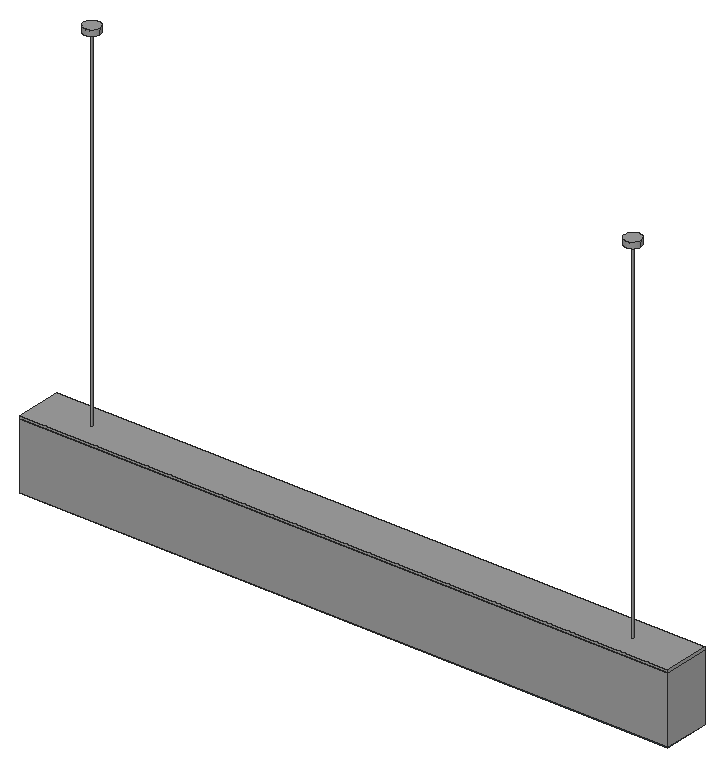
Revit family "Iluminação de pendente - Retangular", category Luminárias, Revit 2019
Family settings
  Hospedeiro = Forro
  Cota do conector redondo = Utilizar diâmetro
  Tipo de parte = Normal
  Número OmniClass = 23.80.70.11
  Título OmniClass = Luminaries for Internal Lighting
  Sempre na vertical = Sim
  Corte com vazios quando carregada = Não
  Fonte luminosa = Sim
  Compartilhado = Não
  Ponto de cálculo do ambiente = Não
Parameters (values of type "85 x 130 x 1212 mm - Irradiando para baixo")
  Largura = 85.00 mm
  Wattage = 200 W
  W1 = Largura - 10.00 mm  # 75.00 mm
  built-in parameter 1150110 = 1 (stored number, unit not read)
  built-in parameter 1114217 = 1 (stored number, unit not read)
  built-in parameter 1150109 = 1 (stored number, unit not read)
  built-in parameter 1150134 = (empty or 0)
  built-in parameter 1150113 = 1 (stored number, unit not read)
  Material de sombra 2 = Vidro
  Material de sombra 1 = Metal - Acabamento pintado - Marfim, fosco
  Sombra = yes
  Número = Comprimento / 40.00 mm  # 30
  Lumens = 16000 lm
  built-in parameter 1150115 = 1 (stored number, unit not read)
  built-in parameter 1150105 = 1273.2 (stored number, unit not read)
  Light Source Symbol Size = Largura - 50.00 mm  # 35.00 mm
  built-in parameter 1150137 = (empty or 0)
  built-in parameter 1150139 = (empty or 0)
  Material da luminária = Metal - Acabamento pintado - Marfim, fosco
  Comprimento = 1212.00 mm
  built-in parameter 1150112 = 1 (stored number, unit not read)
  built-in parameter 1150114 = 1 (stored number, unit not read)
  built-in parameter 1150132 = (empty or 0)
  built-in parameter 1150102 = (empty or 0)
  built-in parameter 1150138 = (empty or 0)
  built-in parameter 1150107 = 3000 (stored number, unit not read)
  built-in parameter 1150106 = 12.732 (stored number, unit not read)
  Altura = 130.00 mm
  H1 = Altura / 3  # 43.333 mm
  Material do eixo = Metal - Acabamento pintado - Marfim, fosco
  Emit from Rectangle Width = Largura - 50.00 mm  # 35.00 mm
  Emitir do comprimento do retângulo = Comprimento - 50.00 mm  # 1162.00 mm
  Emitir forma visível na renderização = no
  built-in parameter 1150104 = 7.4322 (stored number, unit not read)
  Cair do forro [instance] = 800.00 mm
  Troca de temperatura da cor de lâmpada com esmaecimento = <Nenhum>
  D1 = 45.00 mm  # constant formula
  Filtro de cor = 16777215
  Material montado no forro = Metal - Acabamento pintado - Marfim, fosco
  built-in parameter 1114218 = 1 (stored number, unit not read)
  built-in parameter 1150133 = 10 (stored number, unit not read)
Types (6, lengths in mm): name | Material de sombra 2 | Material de sombra 1 | Número | Comprimento | Emitir do comprimento do retângulo
  85 x 130 x 1212 mm - Irradiando para baixo | Vidro | Metal - Acabamento pintado - Marfim, fosco | 30 | 1212.00 | 1162.00
  85 x 130 x 1212 mm - Irradiando para cima e para baixo | Vidro | Vidro | 30 | 1212.00 | 1162.00
  85 x 130 x 1212 mm - Irradiando para cima | Metal - Acabamento pintado - Marfim, fosco | Vidro | 30 | 1212.00 | 1162.00
  85 x 130 x 2412 mm - Irradiando para baixo | Vidro | Metal - Acabamento pintado - Marfim, fosco | 60 | 2412.00 | 2362.00
  85 x 130 x 2412 mm - Irradiando para cima | Metal - Acabamento pintado - Marfim, fosco | Vidro | 60 | 2412.00 | 2362.00
  85 x 130 x 2412 mm - Irradiando para cima e para baixo | Vidro | Vidro | 60 | 2412.00 | 2362.00
Reference planes
  plane 1 "Eixo de origem da luz (F/T)": y = 0
  plane 2 "Forro": z = 2495.067
  plane 3 "Eixo de origem da luz (E/D)": x = 0
  plane 4 "Elevação da origem da luz": z = 1781.733
  plane 5: y = 42.5
  plane 6: y = -42.5
  plane 7: x = -606
  plane 8: x = 606
  plane 9: z = 1695.067
  plane 10: y = 37.5
  plane 11: x = -601
  plane 12: y = -37.5
  plane 13: x = 601
  plane 14: y = 1
  plane 15: y = -1
  plane 16: z = 1820.067
  plane 17: z = 1825.067
  plane 18: z = 1738.4
  plane 19: x = -506
  plane 20: z = 2485.067
  plane 21: x = 506
  plane 22: x = -561
  plane 23: x = 561
  plane 24: z = 1693.067
Forms (mm)
  Extrusion 1, solid, material "Metal - Acabamento pintado - Marfim, fosco" <- "Material da luminária", visible <- "Sombra"
    sketch origin (0, 0, 1781.733) x (0, -1, 0) y (1, 0, 0)
      loop
        line (-42.5, -606) -> (42.5, -606) -> (42.5, 606) -> (-42.5, 606) -> (-42.5, -606)
      loop
        line (-37.5, -601) -> (37.5, -601) -> (37.5, 601) -> (-37.5, 601) -> (-37.5, -601)
    from -86.667 to 38.333
  Extrusion 2, solid, material "Metal - Acabamento pintado - Marfim, fosco" <- "Material do eixo"
    sketch origin (0, 0, 1781.733) x (0, -1, 0) y (1, 0, 0)
      loop
        line (-1, -601) -> (1, -601) -> (1, 601) -> (-1, 601) -> (-1, -601)
    from -86.667 to -43.333
  Extrusion 3, solid, material "Metal - Acabamento pintado - Marfim, fosco" <- "Material de sombra 1", visible <- "Sombra"
    sketch origin (0, 0, 1781.733) x (0, -1, 0) y (1, 0, 0)
      loop
        line (-42.5, -606) -> (42.5, -606) -> (42.5, 606) -> (-42.5, 606) -> (-42.5, -606)
    from 43.333 to 38.333
  Extrusion 4, solid, material "Metal - Acabamento pintado - Marfim, fosco" <- "Material montado no forro"
    sketch origin (0, 0, 0) x (1, 0, 0) y (0, 1, 0)
      loop
        circle (-506, 0.026) r 15.018
    from 2485.067 to 2495.067
  Extrusion 5, solid, material "Metal - Acabamento pintado - Marfim, fosco" <- "Material montado no forro"
    sketch origin (2, 0, 1781.733) x (0, -1, 0) y (1, 0, 0)
      loop
        circle (0, -508) r 1.999
    from 43.333 to 703.333
  Extrusion 6, solid, material "Metal - Acabamento pintado - Marfim, fosco" <- "Material montado no forro"
    sketch origin (-2, 0, 1781.733) x (0, -1, 0) y (1, 0, 0)
      loop
        circle (0, 508) r 1.999
    from 43.333 to 703.333
  Extrusion 7, solid, material "Metal - Acabamento pintado - Marfim, fosco" <- "Material montado no forro"
    sketch origin (0, 0, 0) x (-1, 0, 0) y (0, -1, 0)
      loop
        circle (-506, -0.026) r 15.018
    from 2485.067 to 2495.067
  Extrusion 8, solid, material "Vidro" <- "Material de sombra 2"
    sketch origin (0, 0, 0) x (1, 0, 0) y (0, 1, 0)
      loop
        line (-606, 42.5) -> (-606, -42.5) -> (606, -42.5) -> (606, 42.5) -> (-606, 42.5)
    from 1693.067 to 1695.067
Dimensions and locks
  equal spacing: host sketch curve, plane 3 "Eixo de origem da luz (E/D)", host sketch curve
  equal spacing: host sketch curve, plane 1 "Eixo de origem da luz (F/T)", host sketch curve
  host sketch curve to host sketch curve = 3048.00 mm  (x2)
  locked: plane 5 to plane 10 at 5
  locked: plane 12 to plane 6 at 5
  locked: plane 7 to plane 11 at 5
  locked: plane 13 to plane 8 at 5
  locked: plane 17 to plane 16 at 5
  "Altura": plane 17 to plane 9
  "Largura": plane 5 to plane 6
  equal spacing: plane 8, plane 3 "Eixo de origem da luz (E/D)", plane 7
  "Comprimento": plane 8 to plane 7
  equal spacing: plane 5, plane 1 "Eixo de origem da luz (F/T)", plane 6
  plane 14 to imposter light to plane 15 = 1.00 mm locked, 1.00 mm locked
  locked: plane 20 to plane 2 "Forro" at 10
  "Cair do forro": plane 2 "Forro" to plane 9
  locked: plane 7 to plane 19 at 100
  locked: plane 21 to plane 8 at 100
  equal spacing: plane 17, plane 4 "Elevação da origem da luz", plane 18
  "H1": plane 9 to plane 18
  "D1": plane 23 to plane 8
  "D1": plane 22 to plane 7
  equal spacing: group 1, group 3, group 4, group 5, group 6, group 7, group 8, group 9, group 10, group 11, group 12, group 13, group 14, group 15, group 16, group 17, group 18, group 19, group 20, group 21, group 22, group 23, group 24, group 25, group 26, group 27, group 28, group 29, group 30, group 2  (x3)
  locked: plane 9 to plane 24 at 2
  aligned and locked: plane 1 "Eixo de origem da luz (F/T)" to imposter light
  aligned and locked: Extrusion 1 sketch curve to plane 5
  aligned and locked: plane 7 to Extrusion 1 sketch curve
  aligned and locked: plane 6 to Extrusion 1 sketch curve
  aligned and locked: Extrusion 1 sketch curve to plane 8
  aligned and locked: Extrusion 1 sketch curve to plane 13
  aligned and locked: Extrusion 1 sketch curve to plane 10
  aligned and locked: plane 12 to Extrusion 1 sketch curve
  aligned and locked: plane 11 to Extrusion 1 sketch curve
  aligned and locked: Extrusion 1 to plane 9
  aligned and locked: Extrusion 2 to plane 9
  aligned and locked: Extrusion 3 sketch curve to plane 5
  aligned and locked: plane 7 to Extrusion 3 sketch curve
  aligned and locked: plane 6 to Extrusion 3 sketch curve
  aligned and locked: Extrusion 3 sketch curve to plane 8
  aligned and locked: plane 17 to Extrusion 3
  aligned and locked: Extrusion 3 to plane 16
  aligned and locked: plane 2 "Forro" to host ceiling
  aligned and locked: plane 18 to Extrusion 2  (x7)
  aligned and locked: Extrusion 2 to plane 18  (x2)
  aligned and locked: plane 9 to Extrusion 2  (x4)
  aligned and locked: plane 13 to Extrusion 2  (x2)
  aligned and locked: Extrusion 2 to plane 11
  aligned and locked: plane 11 to Extrusion 2
  aligned and locked: plane 2 "Forro" to Extrusion 4  (x2)
  aligned and locked: Extrusion 5 to Extrusion 4
  aligned and locked: Extrusion 5 to plane 17
  aligned and locked: plane 20 to Extrusion 4
  aligned and locked: plane 20 to Extrusion 7
  aligned and locked: host ceiling to Extrusion 7
  aligned and locked: host ceiling to Extrusion 4
  aligned and locked: Extrusion 6 to plane 17
  aligned and locked: Extrusion 6 to plane 20
  aligned and locked: nested 2 to plane 23
  aligned and locked: nested 1 to plane 22
  aligned and locked: nested 2 to plane 9
  aligned and locked: nested 30 to plane 9
  aligned and locked: nested 29 to plane 9
  aligned and locked: nested 28 to plane 9
  aligned and locked: nested 27 to plane 9
  aligned and locked: nested 26 to plane 9
  aligned and locked: nested 25 to plane 9
  aligned and locked: plane 16 to Extrusion 1
  aligned and locked: Extrusion 8 sketch curve to plane 5
  aligned and locked: Extrusion 8 sketch curve to plane 7
  aligned and locked: Extrusion 8 sketch curve to plane 6
  aligned and locked: Extrusion 8 sketch curve to plane 8
  aligned and locked: plane 9 to Extrusion 8
  aligned and locked: Extrusion 8 to plane 24
  aligned and locked: plane 10 to nested 1
  aligned and locked: nested 1 to plane 12
  aligned and locked: nested 1 to plane 9
  aligned and locked: plane 18 to nested 1
  aligned and locked: nested 2 to plane 12
  aligned and locked: plane 10 to nested 2
  aligned and locked: plane 24 to imposter light
  aligned and locked: plane 3 "Eixo de origem da luz (E/D)" to imposter light
Automatic sketch dimensions
  Extrusion 2 sketch curve to plane 13 = 0.00 mm
  Extrusion 2 sketch curve to plane 14 = 0.00 mm
  Extrusion 2 sketch curve to plane 11 = 0.00 mm
  Extrusion 2 sketch curve to plane 15 = 0.00 mm
  Extrusion 4 sketch curve to plane 19 = 0.00 mm
  Extrusion 4 sketch curve to plane 1 "Eixo de origem da luz (F/T)" = 0.026 mm
  plane 1 "Eixo de origem da luz (F/T)" to Extrusion 5 sketch curve = 0.00 mm
  Extrusion 5 sketch curve to plane 19 = 0.00 mm
  plane 1 "Eixo de origem da luz (F/T)" to Extrusion 6 sketch curve = 0.00 mm
  Extrusion 6 sketch curve to plane 21 = 0.00 mm
  Extrusion 7 sketch curve to plane 21 = 0.00 mm
  plane 1 "Eixo de origem da luz (F/T)" to Extrusion 7 sketch curve = 0.026 mm
  radius of Extrusion 4 sketch curve = 15.018 mm
  radius of Extrusion 5 sketch curve = 1.999 mm
  radius of Extrusion 6 sketch curve = 1.999 mm
  radius of Extrusion 7 sketch curve = 15.018 mm
Nested families
  nested 1: "Grade" at (-561, -62.5, 1695.067), type "Grade"
    with Largura 75.00 mm, Altura 43.333 mm
  nested 2: "Grade" at (561, -62.5, 1695.067), type "Grade"
    with Largura 75.00 mm, Altura 43.333 mm
  nested 3: "Grade" at (-522.31, -62.5, 1695.067), type "Grade"
    with Largura 75.00 mm, Altura 43.333 mm
  nested 4: "Grade" at (-483.621, -62.5, 1695.067), type "Grade"
    with Largura 75.00 mm, Altura 43.333 mm
  nested 5: "Grade" at (-444.931, -62.5, 1695.067), type "Grade"
    with Largura 75.00 mm, Altura 43.333 mm
  nested 6: "Grade" at (-406.241, -62.5, 1695.067), type "Grade"
    with Largura 75.00 mm, Altura 43.333 mm
  nested 7: "Grade" at (-367.552, -62.5, 1695.067), type "Grade"
    with Largura 75.00 mm, Altura 43.333 mm
  nested 8: "Grade" at (-328.862, -62.5, 1695.067), type "Grade"
    with Largura 75.00 mm, Altura 43.333 mm
  nested 9: "Grade" at (-290.172, -62.5, 1695.067), type "Grade"
    with Largura 75.00 mm, Altura 43.333 mm
  nested 10: "Grade" at (-251.483, -62.5, 1695.067), type "Grade"
    with Largura 75.00 mm, Altura 43.333 mm
  nested 11: "Grade" at (-212.793, -62.5, 1695.067), type "Grade"
    with Largura 75.00 mm, Altura 43.333 mm
  nested 12: "Grade" at (-174.103, -62.5, 1695.067), type "Grade"
    with Largura 75.00 mm, Altura 43.333 mm
  nested 13: "Grade" at (-135.414, -62.5, 1695.067), type "Grade"
    with Largura 75.00 mm, Altura 43.333 mm
  nested 14: "Grade" at (-96.724, -62.5, 1695.067), type "Grade"
    with Largura 75.00 mm, Altura 43.333 mm
  nested 15: "Grade" at (-58.034, -62.5, 1695.067), type "Grade"
    with Largura 75.00 mm, Altura 43.333 mm
  nested 16: "Grade" at (-19.345, -62.5, 1695.067), type "Grade"
    with Largura 75.00 mm, Altura 43.333 mm
  nested 17: "Grade" at (19.345, -62.5, 1695.067), type "Grade"
    with Largura 75.00 mm, Altura 43.333 mm
  nested 18: "Grade" at (58.034, -62.5, 1695.067), type "Grade"
    with Largura 75.00 mm, Altura 43.333 mm
  nested 19: "Grade" at (96.724, -62.5, 1695.067), type "Grade"
    with Largura 75.00 mm, Altura 43.333 mm
  nested 20: "Grade" at (135.414, -62.5, 1695.067), type "Grade"
    with Largura 75.00 mm, Altura 43.333 mm
  nested 21: "Grade" at (174.103, -62.5, 1695.067), type "Grade"
    with Largura 75.00 mm, Altura 43.333 mm
  nested 22: "Grade" at (212.793, -62.5, 1695.067), type "Grade"
    with Largura 75.00 mm, Altura 43.333 mm
  nested 23: "Grade" at (251.483, -62.5, 1695.067), type "Grade"
    with Largura 75.00 mm, Altura 43.333 mm
  nested 24: "Grade" at (290.172, -62.5, 1695.067), type "Grade"
    with Largura 75.00 mm, Altura 43.333 mm
  nested 25: "Grade" at (328.862, -62.5, 1695.067), type "Grade"
    with Largura 75.00 mm, Altura 43.333 mm
  nested 26: "Grade" at (367.552, -62.5, 1695.067), type "Grade"
    with Largura 75.00 mm, Altura 43.333 mm
  nested 27: "Grade" at (406.241, -62.5, 1695.067), type "Grade"
    with Largura 75.00 mm, Altura 43.333 mm
  nested 28: "Grade" at (444.931, -62.5, 1695.067), type "Grade"
    with Largura 75.00 mm, Altura 43.333 mm
  nested 29: "Grade" at (483.621, -62.5, 1695.067), type "Grade"
    with Largura 75.00 mm, Altura 43.333 mm
  nested 30: "Grade" at (522.31, -62.5, 1695.067), type "Grade"
    with Largura 75.00 mm, Altura 43.333 mm
Definition of nested family "Grade"
  Parameters
    Largura = 190.00 mm
    Espessura = 2.00 mm
    Altura = 100.00 mm
    Material do eixo = none
  Reference planes
    plane 1 "Centro (Frente/Trás)": y = 0
    plane 2: z = 0
    plane 3 "Centro (Esquerda/Direita)": x = 0
    plane 4: x = -1
    plane 5: x = 1
    plane 6: y = 100
    plane 7: y = -90
    plane 8: z = 100
  Forms (mm)
    Extrusion 1, solid, material <- "Material do eixo"
      sketch origin (124.428, 2.542, 0) x (1, 0, 0) y (0, 1, 0)
        loop
          line (-125.428, 97.458) -> (-125.428, -92.542) -> (-123.428, -92.542) -> (-123.428, 97.458) -> (-125.428, 97.458)
      from 0 to 100
  Dimensions and locks
    "Altura": plane 8 to plane 2
    "Espessura": plane 4 to plane 5
    "Largura": plane 6 to plane 7
    aligned and locked: level to plane 2
    aligned and locked: Extrusion 1 to plane 4  (x4)
    aligned and locked: plane 5 to Extrusion 1  (x2)
    aligned and locked: plane 6 to Extrusion 1  (x2)
    aligned and locked: Extrusion 1 to plane 7  (x2)
    aligned and locked: plane 8 to Extrusion 1
    aligned and locked: Extrusion 1 to plane 8
    aligned and locked: Extrusion 1 to plane 2
  Automatic sketch dimensions
    Extrusion 1 sketch curve to plane 4 = 0.00 mm
    Extrusion 1 sketch curve to plane 5 = 0.00 mm
    Extrusion 1 sketch curve to plane 7 = 0.00 mm
    Extrusion 1 sketch curve to plane 6 = 0.00 mm
